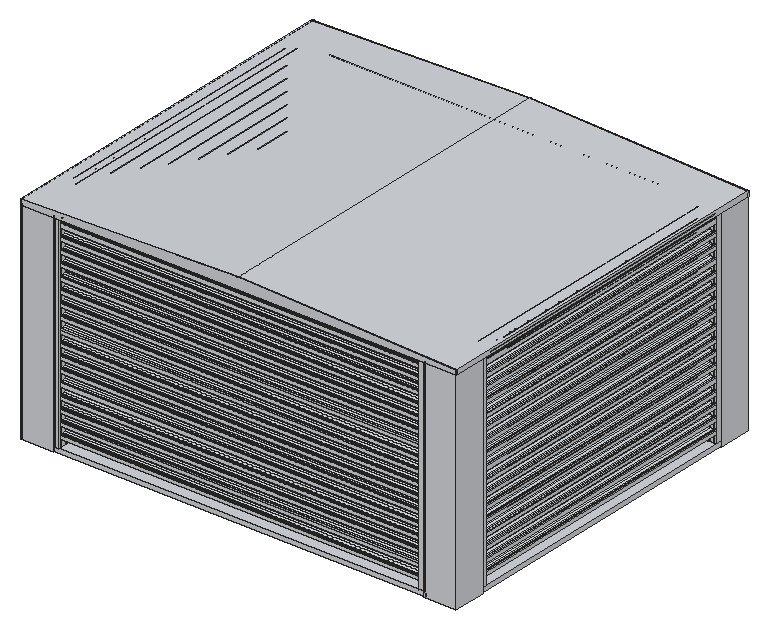
Revit family "PSED-5.1", category Mechanical Equipment, Revit 2015 (continued)
Definition of nested family "Louver 2"
  Definition of nested family "DC BLADE"
    Automatic sketch dimensions
      Extrusion 1 sketch curve to Extrusion 1 sketch curve = 0' - 0.0785"
      Extrusion 1 sketch curve to Extrusion 1 sketch curve = 0' - 0.11783"
      Extrusion 1 sketch curve to Extrusion 1 sketch curve = 0' - 0.06294"
      Extrusion 1 sketch curve to Extrusion 1 sketch curve = 0' - 0.08507"
      Extrusion 1 sketch curve to Extrusion 1 sketch curve = 0' - 0.03276"
      Extrusion 1 sketch curve to Extrusion 1 sketch curve = 0' - 0.03771"
      Extrusion 1 sketch curve to Extrusion 1 sketch curve = 0' - 0.17749"
      Extrusion 1 sketch curve to Extrusion 1 sketch curve = 0' - 0.06003"
      Extrusion 1 sketch curve to Extrusion 1 sketch curve = 0' - 0.04094"
      Extrusion 1 sketch curve to Extrusion 1 sketch curve = 0' - 0.05884"
      Extrusion 1 sketch curve to Extrusion 1 sketch curve = 0' - 0.07715"
      Extrusion 1 sketch curve to Extrusion 1 sketch curve = 0' - 0.07593"
      Extrusion 1 sketch curve to Extrusion 1 sketch curve = 0' - 0.03889"
      Extrusion 1 sketch curve to Extrusion 1 sketch curve = 0' - 0.04691"
      Extrusion 1 sketch curve to Extrusion 1 sketch curve = 0' - 0.05466"
      Extrusion 1 sketch curve to Extrusion 1 sketch curve = 0' - 0.02391"
      Extrusion 1 sketch curve to Extrusion 1 sketch curve = 0' - 0.00698"
      Extrusion 1 sketch curve to Extrusion 1 sketch curve = 0' - 0.07687"
      Extrusion 1 sketch curve to Extrusion 1 sketch curve = 0' - 0.09859"
      Extrusion 1 sketch curve to Extrusion 1 sketch curve = 0' - 0.10619"
      Extrusion 1 sketch curve to Extrusion 1 sketch curve = 0' - 0.01816"
      Extrusion 1 sketch curve to Extrusion 1 sketch curve = 0' - 0.02302"
      Extrusion 1 sketch curve to Extrusion 1 sketch curve = 0' - 0.08945"
      Extrusion 1 sketch curve to Extrusion 1 sketch curve = 0' - 0.01764"
      Extrusion 1 sketch curve to Extrusion 1 sketch curve = 0' - 0.07939"
      Extrusion 1 sketch curve to Extrusion 1 sketch curve = 0' - 0.03604"
      Extrusion 1 sketch curve to Extrusion 1 sketch curve = 0' - 0.05358"
      Extrusion 1 sketch curve to Extrusion 1 sketch curve = 0' - 0.19234"
      Extrusion 1 sketch curve to Extrusion 1 sketch curve = 0' - 0.02932"
      Extrusion 1 sketch curve to Extrusion 1 sketch curve = 0' - 0.11881"
      Extrusion 1 sketch curve to Extrusion 1 sketch curve = 0' - 0.1392"
      Extrusion 1 sketch curve to Extrusion 1 sketch curve = 0' - 0.03017"
      Extrusion 1 sketch curve to Extrusion 1 sketch curve = 0' - 0.40489"
      Extrusion 1 sketch curve to Extrusion 1 sketch curve = 0' - 0.07588"
      Extrusion 1 sketch curve to Extrusion 1 sketch curve = 0' - 0.08997"
      Extrusion 1 sketch curve to Extrusion 1 sketch curve = 0' - 0.06434"
      Extrusion 1 sketch curve to Extrusion 1 sketch curve = 0' - 0.07871"
      Extrusion 1 sketch curve to Extrusion 1 sketch curve = 0' - 0.0549"
      Extrusion 1 sketch curve to Extrusion 1 sketch curve = 0' - 0.04301"
      Extrusion 1 sketch curve to Extrusion 1 sketch curve = 0' - 0.07188"
      Extrusion 1 sketch curve to Extrusion 1 sketch curve = 0' - 0.0457"
      Extrusion 1 sketch curve to Extrusion 1 sketch curve = 0' - 0.04891"
      Extrusion 1 sketch curve to Extrusion 1 sketch curve = 0' - 0.03817"
      Extrusion 1 sketch curve to Extrusion 1 sketch curve = 0' - 0.00942"
      Extrusion 1 sketch curve to Extrusion 1 sketch curve = 0' - 0.05396"
      Extrusion 1 sketch curve to Extrusion 1 sketch curve = 0' - 0.05738"
      Extrusion 1 sketch curve to Extrusion 1 sketch curve = 0' - 0.08863"
      Extrusion 1 sketch curve to Extrusion 1 sketch curve = 0' - 0.07822"
